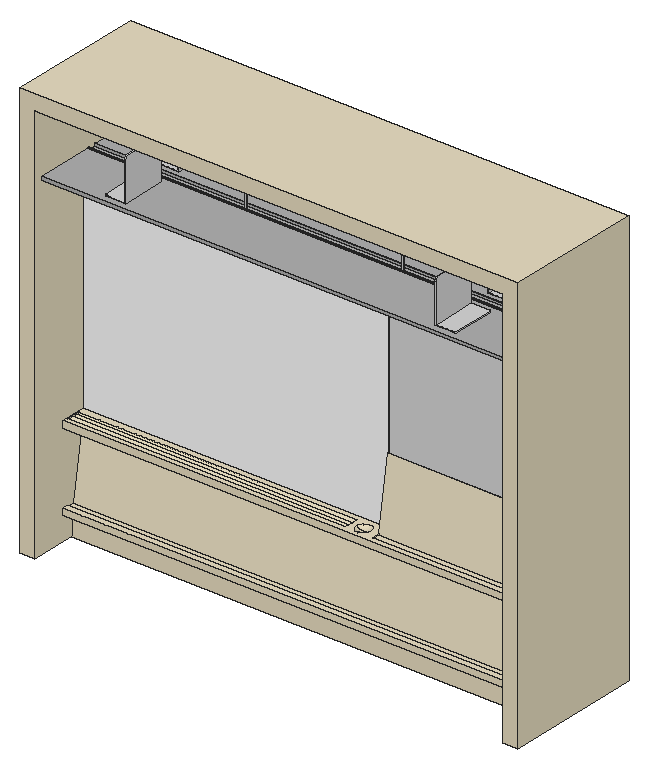
Revit family "DeccaContract_Framework_Reference", category Furniture, Revit 2015
Parameters (values of type "FRAMEWORK")
  White Board [instance] = Furniture - DECCA CONTRACT - Casegood - White Board
  URL = ""
  Steel Frame [instance] = Furniture - DECCA CONTRACT - Casegood - Steel Frame
  Shelf [instance] = Furniture - DECCA CONTRACT - Casegood - Shelf
  HIDDEN FRAMEWORK = yes
  Framework [instance] = Furniture - DECCA CONTRACT - Casegood - Framework
  Drawer Face [instance] = Furniture - DECCA CONTRACT - Casegood - Drawer Front
  Counter Height = 2' - 2.45811"
  Book Ends [instance] = Furniture - DECCA CONTRACT - Casegood - Bookends
  Model = ""
  Manufacturer = "Decca Contract"
  Description = ""
  Backspalsh [instance] = Furniture - DECCA CONTRACT - Casegood - Backsplash
  Assembly Code = "E2020200"
Types (2): name | HIDDEN FRAMEWORK
  FRAMEWORK | yes
  FRAMEWORK (HIDDEN) | no
Reference planes (in)
  plane 1 "C(FB)": y = 6
  plane 2: z = 0
  plane 3 "C(LR)": x = -6.90025
  plane 4 "T": z = 90.5
  plane 5 "B": y = 23.77735
  plane 6: y = -11.77735
  plane 7: x = -60.96275
  plane 8: x = 47.16225
  plane 9: x = -57.71275
  plane 10: x = -32.38586
  plane 11: x = 43.91225
  plane 12: x = 8.72081
  plane 13 "WST": z = 26.45811
  plane 14: z = 21.45811
  plane 15: z = 25.70811
  plane 16: z = 71.4632
  plane 17: z = 71.49989
  plane 18: z = 73.2132
  plane 19: z = 73.8382
  plane 20: z = 73.9632
  plane 21: z = 83.0379
  plane 22: z = 87.25
  plane 23 "F": y = -6.22265
  plane 24: y = -4.22265
  plane 25: y = 2.29943
  plane 26: y = 3.04943
  plane 27: y = 6.72265
  plane 28: y = 7.22265
  plane 29: y = 7.72265
  plane 30: y = 9.83289
  plane 31: y = 21.77735
  plane 32 "CL": y = 8.77777
  plane 33: y = -5.47265
  plane 34: y = 23.0282
  plane 35: z = 38.32998
  plane 36: x = -57.33458
  plane 37: x = 2.90121
  plane 38: x = 5.72081
  plane 39: z = 23.79637
  plane 40 "CUP": y = 3.71234
Forms (in)
  Extrusion 1, solid, material "Furniture - DECCA CONTRACT - Casegood - Framework" <- "Framework", visible <- "HIDDEN FRAMEWORK"
    sketch origin (0, -6.22265, 0) x (-1, 0, 0) y (0, 0, -1)
      loop
        line (60.96275, 0) -> (57.71275, 0) -> (57.71275, -87.25) -> (-43.91225, -87.25) -> (-43.91225, 0) -> (-47.16225, 0) -> (-47.16225, -90.5) -> (60.96275, -90.5) -> (60.96275, 0)
    from -0.75 to 0
  Extrusion 2, solid, material "Furniture - DECCA CONTRACT - Casegood - Framework" <- "Framework", visible <- "HIDDEN FRAMEWORK"
    sketch origin (0, 23.77735, 0) x (-1, 0, 0) y (0, 0, 1)
      loop
        line (60.96275, 0) -> (60.96275, 90.5) -> (-47.16225, 90.5) -> (-47.16225, 0) -> (-43.91225, 0) -> (-43.91225, 87.25) -> (57.71275, 87.25) -> (57.71275, 0) -> (60.96275, 0)
    from -0.74915 to 0
  Extrusion 3, solid, material "Furniture - DECCA CONTRACT - Casegood - Framework" <- "Framework", visible <- "HIDDEN FRAMEWORK"
    sketch origin (0, -6.22265, 0) x (-1, 0, 0) y (0, 0, -1)
      loop
        line (-47.16225, 0) -> (-47.16225, -90.5) -> (-43.91225, -87.25) -> (-43.91225, 0) -> (-47.16225, 0)
      loop
        line (60.96275, 0) -> (57.71275, 0) -> (57.71275, -87.25) -> (60.96275, -90.5) -> (60.96275, 0)
    from -29.25085 to -0.75
  Extrusion 4, solid, material "Furniture - DECCA CONTRACT - Casegood - Framework" <- "Framework", visible <- "HIDDEN FRAMEWORK"
    sketch origin (-6.90025, 0, 0) x (0, 1, 0) y (0, 0, 1)
      loop
        line (23.0282, 87.25) -> (23.0282, 90.5) -> (-5.47265, 90.5) -> (-5.47265, 87.25) -> (23.0282, 87.25)
    from -54.0625 to 54.0625
  Extrusion 5, solid, material "Furniture - DECCA CONTRACT - Casegood - Shelf" <- "Shelf", visible <- "HIDDEN FRAMEWORK"
    sketch origin (-6.90025, 0, 0) x (0, 1, 0) y (0, 0, 1)
      loop
        line (7.77777, 73.9632) -> (7.77777, 73.8382) -> (-4.72223, 73.8382) -> (-4.72223, 73.2132) -> (4.98579, 71.59023) -> (5.50944, 72.7132) -> (6.77735, 72.7132) -> (6.77735, 72.0882) -> (7.77735, 72.0882) -> (7.77735, 73.3382) -> (8.77777, 73.3382) -> (8.77777, 73.4632) -> (7.90235, 73.4632) -> (7.90235, 73.9632) -> (7.77777, 73.9632)
    from -50.8125 to 50.8125
  Extrusion 6, solid, material "Furniture - DECCA CONTRACT - Casegood - Framework" <- "Framework"
    sketch origin (-6.90025, 0, 0) x (0, 1, 0) y (0, 0, 1)
      loop
        line (7.72265, 0) -> (7.72265, 71.93564) -> (7.22265, 71.93564) -> (7.22265, 0) -> (7.72265, 0)
    from -50.8125 to 50.8125
  Extrusion 7, solid, material "Furniture - DECCA CONTRACT - Casegood - White Board" <- "White Board"
    sketch origin (-6.90025, 0, 0) x (0, 1, 0) y (0, 0, 1)
      loop
        line (6.72265, 71.93564) -> (6.72265, 23.75448) -> (7.22265, 23.75448) -> (7.22265, 71.93564) -> (6.72265, 71.93564)
    from -50.8125 to 15.62106
  Extrusion 8, solid, material "Furniture - DECCA CONTRACT - Casegood - Bookends" <- "Book Ends", visible <- "HIDDEN FRAMEWORK"
    sketch origin (-6.90025, 0, 0) x (0, 1, 0) y (0, 0, 1)
      loop
        line (11.13507, 73.8382) -> (20.63507, 73.8382) -> (20.63507, 82.2879)
        arc (20.63507, 82.2879) -> (20.4154, 82.81823) -> (19.88507, 83.0379) r 0.75
        line (19.88507, 83.0379) -> (11.88507, 83.0379)
        arc (11.88507, 83.0379) -> (11.35474, 82.81823) -> (11.13507, 82.2879) r 0.75
        line (11.13507, 82.2879) -> (11.13507, 73.8382)
      loop
        arc (-2.32953, 83.0379) -> (-2.85986, 82.81823) -> (-3.07953, 82.2879) r 0.75
        line (-3.07953, 82.2879) -> (-3.07953, 73.8382) -> (6.42047, 73.8382) -> (6.42047, 82.2879)
        arc (6.42047, 82.2879) -> (6.2008, 82.81823) -> (5.67047, 83.0379) r 0.75
        line (5.67047, 83.0379) -> (-2.32953, 83.0379)
    from -33.8125 to -33.5625
  Extrusion 9, solid, material "Furniture - DECCA CONTRACT - Casegood - Bookends" <- "Book Ends", visible <- "HIDDEN FRAMEWORK"
    sketch origin (-6.90025, 0, 0) x (0, 1, 0) y (0, 0, -1)
      loop
        line (11.13507, -73.8382) -> (11.13507, -82.2879)
        arc (11.13507, -82.2879) -> (11.35474, -82.81823) -> (11.88507, -83.0379) r 0.75
        line (11.88507, -83.0379) -> (19.88507, -83.0379)
        arc (19.88507, -83.0379) -> (20.4154, -82.81823) -> (20.63507, -82.2879) r 0.75
        line (20.63507, -82.2879) -> (20.63507, -73.8382) -> (11.13507, -73.8382)
      loop
        line (-2.32953, -83.0379) -> (5.67047, -83.0379)
        arc (5.67047, -83.0379) -> (6.2008, -82.81823) -> (6.42047, -82.2879) r 0.75
        line (6.42047, -82.2879) -> (6.42047, -73.8382) -> (-3.07953, -73.8382) -> (-3.07953, -82.2879)
        arc (-3.07953, -82.2879) -> (-2.85986, -82.81823) -> (-2.32953, -83.0379) r 0.75
    from -33.8125 to -33.5625
  Extrusion 10, solid, material "Furniture - DECCA CONTRACT - Casegood - Bookends" <- "Book Ends", visible <- "HIDDEN FRAMEWORK"
    sketch origin (0, 0, 20.56979) x (0, -1, 0) y (1, 0, 0)
      loop
        line (-6.42047, -40.46275) -> (-6.42047, -44.5626)
        arc (-6.42047, -44.5626) -> (-6.27402, -44.91616) -> (-5.92047, -45.0626) r 0.5
        line (-5.92047, -45.0626) -> (2.57953, -45.0626)
        arc (2.57953, -45.0626) -> (2.93308, -44.91616) -> (3.07953, -44.5626) r 0.5
        line (3.07953, -44.5626) -> (3.07953, -40.46275) -> (-6.42047, -40.46275)
      loop
        line (-11.13507, -40.46275) -> (-20.63507, -40.46275) -> (-20.63507, -44.5626)
        arc (-20.63507, -44.5626) -> (-20.48863, -44.91616) -> (-20.13507, -45.0626) r 0.5
        line (-20.13507, -45.0626) -> (-11.63507, -45.0626)
        arc (-11.63507, -45.0626) -> (-11.28152, -44.91616) -> (-11.13507, -44.5626) r 0.5
        line (-11.13507, -44.5626) -> (-11.13507, -40.46275)
    from 53.26841 to 53.39341
  Extrusion 11, solid, material "Furniture - DECCA CONTRACT - Casegood - Bookends" <- "Book Ends", visible <- "HIDDEN FRAMEWORK"
    sketch origin (-13.8005, 0, 20.56979) x (0, -1, 0) y (1, 0, 0)
      loop
        line (-6.42047, 40.46275) -> (3.07953, 40.46275) -> (3.07953, 44.5626)
        arc (3.07953, 44.5626) -> (2.93308, 44.91616) -> (2.57953, 45.0626) r 0.5
        line (2.57953, 45.0626) -> (-5.92047, 45.0626)
        arc (-5.92047, 45.0626) -> (-6.27402, 44.91616) -> (-6.42047, 44.5626) r 0.5
        line (-6.42047, 44.5626) -> (-6.42047, 40.46275)
      loop
        line (-11.13507, 40.46275) -> (-11.13507, 44.5626)
        arc (-11.13507, 44.5626) -> (-11.28152, 44.91616) -> (-11.63507, 45.0626) r 0.5
        line (-11.63507, 45.0626) -> (-20.13507, 45.0626)
        arc (-20.13507, 45.0626) -> (-20.48863, 44.91616) -> (-20.63507, 44.5626) r 0.5
        line (-20.63507, 44.5626) -> (-20.63507, 40.46275) -> (-11.13507, 40.46275)
    from 53.26841 to 53.39341
  Revolve 12, solid, material "Furniture - DECCA CONTRACT - Casegood - Steel Frame" <- "Steel Frame", visible <- "HIDDEN FRAMEWORK"
    sketch origin (0, 8.77777, 0) x (-1, 0, 0) y (0, 0, 1)
      loop
        line (23.96525, 87.64271) -> (23.96525, 72.5882) -> (24.05895, 72.5882) -> (24.05895, 73.4632) -> (24.09025, 73.4632) -> (24.09025, 87.25) -> (24.05895, 87.25) -> (24.05895, 87.64271) -> (23.96525, 87.64271)
      axis (23.96525, 72.5882) -> (23.96525, 87.64271)
    angle from 0 to 360
  Extrusion 13, solid, material "Furniture - DECCA CONTRACT - Casegood - Backsplash" <- "Backspalsh"
    sketch origin (24.34188, 0, 0) x (0, 1, 0) y (0, 0, -1)
      loop
        line (6.72265, -71.93564) -> (7.22265, -71.93564) -> (7.22265, -38.28809) -> (6.72265, -38.28809) -> (6.72265, -71.93564)
    from -19.57037 to 15.62106
  Extrusion 14, solid, material "Furniture - DECCA CONTRACT - Casegood - Framework" <- "Framework"
    sketch origin (-6.90025, 0, 0) x (0, 1, 0) y (0, 0, 1)
      loop
        line (6.52735, 38.32998) -> (4.00907, 23.45307) -> (2.29943, 23.45307) -> (2.29943, 23.79637) -> (1.05415, 23.79637) -> (1.05415, 22.42318) -> (2.29943, 22.20361) -> (2.29943, 22.7944) -> (3.29889, 22.7944) -> (3.73501, 21.95048) -> (6.52735, 21.45811) -> (7.22265, 21.45811) -> (7.22265, 38.32998) -> (6.52735, 38.32998)
    from 15.62106 to 50.8125
  Extrusion 15, solid, material "Furniture - DECCA CONTRACT - Casegood - Framework" <- "Framework"
    sketch origin (-6.90025, 0, -17.00411) x (0, 1, 0) y (0, 0, 1)
      loop
        line (6.52735, 38.32998) -> (4.00907, 23.45307) -> (2.29943, 23.45307) -> (2.29943, 23.79637) -> (1.05415, 23.79637) -> (1.05415, 22.42318) -> (2.29943, 22.20361) -> (2.29943, 22.7944) -> (3.29889, 22.7944) -> (3.73501, 21.95048) -> (6.52735, 21.45811) -> (7.22265, 21.45811) -> (7.22265, 38.32998) -> (6.52735, 38.32998)
    from -50.8125 to 50.8125
  Extrusion 16, solid, material "Furniture - DECCA CONTRACT - Casegood - Framework" <- "Framework"
    sketch origin (-6.90025, 0, 0) x (0, 1, 0) y (0, 0, 1)
      loop
        line (1.05415, 22.42318) -> (2.29943, 22.20361) -> (2.29943, 22.7944) -> (3.29889, 22.7944) -> (3.73501, 21.95048) -> (6.52735, 21.45811) -> (7.22265, 21.45811) -> (7.22265, 23.79637) -> (1.05415, 23.79637) -> (1.05415, 22.42318)
    from -50.8125 to 15.62106
  Extrusion 17, void
    sketch origin (-6.90025, 0, 0) x (0, 1, 0) y (0, 0, 1)
      loop
        line (4.75462, 23.27527) -> (5.27572, 23.79637) -> (5.27572, 24.29637) -> (2.14897, 24.29637) -> (2.14897, 23.79637) -> (2.67007, 23.27527) -> (3.19121, 23.7964) -> (3.71234, 23.27527) -> (4.23348, 23.7964) -> (4.75462, 23.27527)
    from -50.43433 to 9.80146
  Revolve 18, void
    sketch origin (0, 3.71234, 0) x (0, 0, -1) y (-1, 0, 0)
      loop
        line (-23.79637, -4.15831) -> (-23.79637, -5.72081) -> (-23.24683, -5.72081)
        arc (-23.24683, -5.72081) -> (-23.38822, -4.89265) -> (-23.79637, -4.15831) r 2.4961
      axis (-23.79637, -5.72081) -> (-23.24683, -5.72081)
    angle from 0 to 360
  Extrusion 19, solid, material "Furniture - DECCA CONTRACT - Casegood - Framework" <- "Framework"
    sketch origin (-6.90025, 0, 0) x (0, 1, 0) y (0, 0, 1)
      loop
        line (3.73501, 4.94637) -> (3.73501, 0) -> (4.48501, 0) -> (4.48501, 4.81412) -> (3.73501, 4.94637)
    from -50.8125 to 50.8125
  Extrusion 20, solid, material "Furniture - DECCA CONTRACT - Casegood - Steel Frame" <- "Steel Frame", visible <- "HIDDEN FRAMEWORK"
    sketch origin (0, 3.71234, 0) x (0, 0, -1) y (-1, 0, 0)
      loop
        line (-71.49989, -43.91225) -> (0, -43.91225) -> (0, -39.83006) -> (-3.80619, -39.83006) -> (-3.80619, -14.67329) -> (0, -14.67329) -> (0, -10.65754) -> (-10.02293, -10.65754)
        arc (-10.02293, -10.65754) -> (-11.08359, -10.2182) -> (-11.52293, -9.15754) r 1.5
        line (-11.52293, -9.15754) -> (-11.52293, 21.59091)
        arc (-11.52293, 21.59091) -> (-11.08359, 22.65157) -> (-10.02293, 23.09091) r 1.5
        line (-10.02293, 23.09091) -> (0, 23.09091) -> (0, 27.10666) -> (-3.80619, 27.10666) -> (-3.80619, 53.75261) -> (0, 53.75261) -> (0, 57.71275) -> (-71.49989, 57.71275) -> (-71.49989, -43.91225)
      loop
        line (-64.28049, -10.65754) -> (-56.46434, -10.65754)
        arc (-56.46434, -10.65754) -> (-55.40368, -10.2182) -> (-54.96434, -9.15754) r 1.5
        line (-54.96434, -9.15754) -> (-54.96434, 21.59091)
        arc (-54.96434, 21.59091) -> (-55.40368, 22.65157) -> (-56.46434, 23.09091) r 1.5
        line (-56.46434, 23.09091) -> (-64.28049, 23.09091)
        arc (-64.28049, 23.09091) -> (-65.34115, 22.65157) -> (-65.78049, 21.59091) r 1.5
        line (-65.78049, 21.59091) -> (-65.78049, -9.15754)
        arc (-65.78049, -9.15754) -> (-65.34115, -10.2182) -> (-64.28049, -10.65754) r 1.5
      loop
        line (-32.82728, -9.15754) -> (-32.82728, 21.59091)
        arc (-32.82728, 21.59091) -> (-33.26662, 22.65157) -> (-34.32728, 23.09091) r 1.5
        line (-34.32728, 23.09091) -> (-42.14343, 23.09091)
        arc (-42.14343, 23.09091) -> (-43.20409, 22.65157) -> (-43.64343, 21.59091) r 1.5
        line (-43.64343, 21.59091) -> (-43.64343, -9.15754)
        arc (-43.64343, -9.15754) -> (-43.20409, -10.2182) -> (-42.14343, -10.65754) r 1.5
        line (-42.14343, -10.65754) -> (-34.32728, -10.65754)
        arc (-34.32728, -10.65754) -> (-33.26662, -10.2182) -> (-32.82728, -9.15754) r 1.5
    from 4.01031 to 6.12055
  Revolve 21, solid, material "Furniture - DECCA CONTRACT - Casegood - Steel Frame" <- "Steel Frame", visible <- "HIDDEN FRAMEWORK"
    sketch origin (-13.8005, 8.77777, 0) x (1, 0, 0) y (0, 0, 1)
      loop
        line (23.96525, 87.64271) -> (23.96525, 72.5882) -> (24.05895, 72.5882) -> (24.05895, 73.4632) -> (24.09025, 73.4632) -> (24.09025, 87.25) -> (24.05895, 87.25) -> (24.05895, 87.64271) -> (23.96525, 87.64271)
      axis (23.96525, 72.5882) -> (23.96525, 87.64271)
    angle from 0 to 360
  Extrusion 22, solid, material "Furniture - DECCA CONTRACT - Casegood - Shelf" <- "Shelf", visible <- "HIDDEN FRAMEWORK"
    sketch origin (-6.90025, 17.55555, 0) x (0, -1, 0) y (0, 0, -1)
      loop
        line (7.77777, -73.9632) -> (7.90235, -73.9632) -> (7.90235, -73.4632) -> (8.77777, -73.4632) -> (8.77777, -73.3382) -> (7.77735, -73.3382) -> (7.77735, -72.0882) -> (6.77735, -72.0882) -> (6.77735, -72.7132) -> (5.50944, -72.7132) -> (4.98579, -71.59023) -> (-4.72223, -73.2132) -> (-4.72223, -73.8382) -> (7.77777, -73.8382) -> (7.77777, -73.9632)
    from -50.8125 to 50.8125
Cuts and joins
  Extrusion 17 cuts Extrusion 1
  Extrusion 17 cuts Extrusion 2
  Extrusion 17 cuts Extrusion 3
  Extrusion 17 cuts Extrusion 4
  joined: Extrusion 1, Extrusion 2, Extrusion 3, Extrusion 4
  joined: Extrusion 8, Extrusion 10
  joined: Extrusion 9, Extrusion 11
  Extrusion 17 cuts Extrusion 14
  Extrusion 17, Revolve 18 cuts Extrusion 16
  joined: Extrusion 14, Extrusion 16
Dimensions and locks (in)
  equal spacing: plane 7, plane 3 "C(LR)", plane 8
  equal spacing: plane 5 "B", plane 1 "C(FB)", plane 6
  "Counter Height": plane 13 "WST" to plane 2
  locked: plane 13 "WST" to plane 15 at 0.75
  locked: plane 15 to plane 14 at 4.25
  plane 4 "T" to plane 2 = 7' - 6 1/2"
  aligned and locked: plane 2 to level
  aligned and locked: Extrusion 1 sketch curve to plane 7
  aligned and locked: Extrusion 1 sketch curve to plane 4 "T"
  aligned and locked: Extrusion 1 sketch curve to plane 22
  aligned and locked: plane 2 to Extrusion 1 sketch curve
  aligned and locked: plane 8 to Extrusion 1 sketch curve
  aligned and locked: plane 11 to Extrusion 1 sketch curve
  aligned and locked: Extrusion 1 sketch curve to plane 9
  aligned and locked: plane 7 to Extrusion 2 sketch curve
  aligned and locked: plane 9 to Extrusion 2 sketch curve
  aligned and locked: plane 4 "T" to Extrusion 2 sketch curve
  aligned and locked: plane 22 to Extrusion 2 sketch curve
  aligned and locked: Extrusion 2 sketch curve to plane 11
  aligned and locked: Extrusion 2 sketch curve to plane 8
  aligned and locked: Extrusion 2 sketch curve to plane 2
  aligned and locked: Extrusion 2 to plane 34
  aligned and locked: plane 2 to Extrusion 3 sketch curve
  aligned and locked: Extrusion 3 sketch curve to plane 7
  aligned and locked: Extrusion 3 sketch curve to plane 9
  aligned and locked: plane 11 to Extrusion 3 sketch curve
  aligned and locked: plane 8 to Extrusion 3 sketch curve
  aligned and locked: plane 34 to Extrusion 3
  aligned and locked: plane 34 to Extrusion 4 sketch curve
  aligned and locked: plane 22 to Extrusion 4 sketch curve
  aligned and locked: Extrusion 4 sketch curve to plane 33
  aligned and locked: Extrusion 10 to plane 20
  aligned and locked: plane 19 to Extrusion 10
  aligned and locked: plane 19 to Extrusion 8
  aligned and locked: plane 19 to Extrusion 11
  aligned and locked: Extrusion 11 to plane 20
  aligned and locked: Extrusion 1 to Extrusion 4
  aligned and locked: Extrusion 4 to Extrusion 1
Automatic sketch dimensions
  Extrusion 1 sketch curve to level = 0' - 0"
  Extrusion 2 sketch curve to level = 0' - 0"
  Extrusion 3 sketch curve to level = 0' - 0"
  Extrusion 3 sketch curve to plane 22 = 0' - 0"  (x2)
  Extrusion 3 sketch curve to plane 4 "T" = 0' - 0"  (x2)
  Extrusion 4 sketch curve to plane 4 "T" = 0' - 0"
  plane 20 to Extrusion 5 sketch curve = 0' - 0"
  Extrusion 5 sketch curve to plane 32 "CL" = 0' - 0"
  Extrusion 5 sketch curve to plane 29 = 0' - 0 23/128"
  Extrusion 5 sketch curve to plane 29 = 0' - 0.05512"
  Extrusion 5 sketch curve to plane 29 = 0' - 0 7/128"
  Extrusion 5 sketch curve to plane 27 = 0' - 0 7/128"
  plane 1 "C(FB)" to Extrusion 5 sketch curve = 0' - 0.49056"
  Extrusion 5 sketch curve to plane 17 = 0' - 0.09034"
  plane 1 "C(FB)" to Extrusion 5 sketch curve = 0' - 1.01421"
  Extrusion 5 sketch curve to plane 18 = 0' - 0"
  plane 24 to Extrusion 5 sketch curve = 0' - 0.49957"
  Extrusion 5 sketch curve to plane 17 = 0' - 0.58831"
  plane 18 to Extrusion 5 sketch curve = 0' - 0 1/2"
  Extrusion 5 sketch curve to plane 18 = 0' - 0 1/8"
  Extrusion 5 sketch curve to Extrusion 5 sketch curve = 0' - 0 1/8"
  Extrusion 5 sketch curve to plane 19 = 0' - 0"
  Extrusion 6 sketch curve to level = 0' - 0"
  Extrusion 6 sketch curve to plane 28 = 0' - 0"
  Extrusion 6 sketch curve to plane 29 = 0' - 0"
  Extrusion 6 sketch curve to plane 17 = 0' - 0.43575"
  Extrusion 7 sketch curve to plane 27 = 0' - 0"
  Extrusion 7 sketch curve to plane 28 = 0' - 0"
  plane 39 to Extrusion 7 sketch curve = 0' - 0.04189"
  Extrusion 7 sketch curve to plane 17 = 0' - 0.43575"
  plane 19 to Extrusion 8 sketch curve = 0' - 0"  (x2)
  plane 21 to Extrusion 8 sketch curve = 0' - 0"  (x2)
  Extrusion 8 sketch curve to plane 24 = 0' - 1.14313"
  Extrusion 8 sketch curve to Extrusion 8 sketch curve = 0' - 0 3/4"
  plane 1 "C(FB)" to Extrusion 8 sketch curve = 0' - 0.32953"
  plane 27 to Extrusion 8 sketch curve = 0' - 0.30218"
  plane 21 to Extrusion 8 sketch curve = 0' - 0 3/4"
  Extrusion 8 sketch curve to plane 30 = 0' - 1.30218"
  plane 31 to Extrusion 8 sketch curve = 0' - 1.89227"
  plane 31 to Extrusion 8 sketch curve = 0' - 1.14227"
  plane 19 to Extrusion 9 sketch curve = 0' - 0"  (x2)
  plane 21 to Extrusion 9 sketch curve = 0' - 0"  (x2)
  Extrusion 9 sketch curve to plane 24 = 0' - 1.14313"
  Extrusion 9 sketch curve to Extrusion 9 sketch curve = 0' - 0 3/4"
  plane 1 "C(FB)" to Extrusion 9 sketch curve = 0' - 0.32953"
  plane 27 to Extrusion 9 sketch curve = 0' - 0.30218"
  plane 21 to Extrusion 9 sketch curve = 0' - 0 3/4"
  Extrusion 9 sketch curve to plane 30 = 0' - 1.30218"
  plane 31 to Extrusion 9 sketch curve = 0' - 1.89227"
  plane 31 to Extrusion 9 sketch curve = 0' - 1.14227"
  plane 31 to Extrusion 10 sketch curve = 0' - 1.14227"
  Extrusion 10 sketch curve to Extrusion 10 sketch curve = 0' - 0 1/2"
  Extrusion 10 sketch curve to plane 30 = 0' - 1.80218"
  Extrusion 10 sketch curve to plane 30 = 0' - 1.30218"
  plane 27 to Extrusion 10 sketch curve = 0' - 0.30218"
  plane 1 "C(FB)" to Extrusion 10 sketch curve = 0' - 0.07953"
  Extrusion 10 sketch curve to plane 24 = 0' - 1.64313"
  Extrusion 10 sketch curve to plane 24 = 0' - 1.14313"
  Extrusion 10 sketch curve to plane 36 = 1' - 0.27198"  (x2)
  Extrusion 10 sketch curve to Extrusion 10 sketch curve = 0' - 4.09985"  (x2)
  Extrusion 11 sketch curve to plane 31 = 0' - 1.14227"
  Extrusion 11 sketch curve to Extrusion 11 sketch curve = 0' - 0 1/2"
  plane 30 to Extrusion 11 sketch curve = 0' - 1.80218"
  plane 30 to Extrusion 11 sketch curve = 0' - 1.30218"
  Extrusion 11 sketch curve to plane 27 = 0' - 0.30218"
  Extrusion 11 sketch curve to plane 1 "C(FB)" = 0' - 0.07953"
  plane 24 to Extrusion 11 sketch curve = 0' - 1.64313"
  plane 24 to Extrusion 11 sketch curve = 0' - 1.14313"
  plane 11 to Extrusion 11 sketch curve = 1' - 0.65015"  (x2)
  Extrusion 11 sketch curve to Extrusion 11 sketch curve = 0' - 4.09985"  (x2)
  Revolve 12 sketch curve to plane 22 = 0' - 0"
  plane 22 to Revolve 12 sketch curve = 0' - 0.39271"
  plane 10 to Revolve 12 sketch curve = 0' - 8.42061"
  Revolve 12 sketch curve to Revolve 12 sketch curve = 0' - 0.0937"  (x2)
  Revolve 12 sketch curve to Revolve 12 sketch curve = 0' - 0.0313"
  plane 18 to Revolve 12 sketch curve = 0' - 0 1/4"
  Revolve 12 sketch curve to plane 18 = 0' - 0 5/8"
  Revolve 12 sketch curve to Revolve 12 sketch curve = 0' - 0"  (x3)
  Extrusion 13 sketch curve to plane 27 = 0' - 0"
  Extrusion 13 sketch curve to plane 28 = 0' - 0"
  Extrusion 13 sketch curve to plane 17 = 0' - 0.43575"
  plane 35 to Extrusion 13 sketch curve = 0' - 0.04189"
  plane 39 to Extrusion 14 sketch curve = 0' - 0"
  Extrusion 14 sketch curve to plane 25 = 0' - 0"  (x2)
  plane 14 to Extrusion 14 sketch curve = 0' - 0"
  plane 35 to Extrusion 14 sketch curve = 0' - 0"
  Extrusion 14 sketch curve to plane 28 = 0' - 0"
  plane 25 to Extrusion 14 sketch curve = 0' - 1.24527"
  Extrusion 14 sketch curve to plane 26 = 0' - 0.24947"
  plane 40 "CUP" to Extrusion 14 sketch curve = 0' - 0.02266"
  plane 40 "CUP" to Extrusion 14 sketch curve = 0' - 0.29673"
  plane 27 to Extrusion 14 sketch curve = 0' - 0 25/128"  (x2)
  Extrusion 14 sketch curve to plane 14 = 0' - 0.49236"
  Extrusion 14 sketch curve to plane 14 = 0' - 0.7455"
  Extrusion 14 sketch curve to plane 14 = 0' - 0.96507"
  Extrusion 14 sketch curve to Extrusion 14 sketch curve = 0' - 0.84392"
  plane 39 to Extrusion 14 sketch curve = 0' - 0.3433"
  Extrusion 15 sketch curve to plane 25 = 0' - 0"  (x2)
  Extrusion 15 sketch curve to plane 28 = 0' - 0"
  plane 25 to Extrusion 15 sketch curve = 0' - 1.24527"
  Extrusion 15 sketch curve to plane 26 = 0' - 0.24947"
  plane 40 "CUP" to Extrusion 15 sketch curve = 0' - 0.02266"
  plane 40 "CUP" to Extrusion 15 sketch curve = 0' - 0.29673"
  plane 27 to Extrusion 15 sketch curve = 0' - 0 25/128"  (x2)
  level to Extrusion 15 sketch curve = 0' - 4.454"
  Extrusion 15 sketch curve to Extrusion 15 sketch curve = 0' - 0.49236"
  Extrusion 15 sketch curve to Extrusion 15 sketch curve = 0' - 0.25313"
  Extrusion 15 sketch curve to Extrusion 15 sketch curve = 0' - 0.21958"
  Extrusion 15 sketch curve to Extrusion 15 sketch curve = 0' - 0.84392"
  Extrusion 15 sketch curve to Extrusion 15 sketch curve = 0' - 0.65867"
  Extrusion 15 sketch curve to Extrusion 15 sketch curve = 0' - 0.3433"
  plane 14 to Extrusion 15 sketch curve = 0' - 0.13225"
  plane 39 to Extrusion 16 sketch curve = 0' - 0"
  Extrusion 16 sketch curve to plane 25 = 0' - 0"
  plane 14 to Extrusion 16 sketch curve = 0' - 0"
  Extrusion 16 sketch curve to plane 28 = 0' - 0"
  plane 25 to Extrusion 16 sketch curve = 0' - 1.24527"
  Extrusion 16 sketch curve to plane 26 = 0' - 0.24947"
  plane 40 "CUP" to Extrusion 16 sketch curve = 0' - 0.02266"
  plane 27 to Extrusion 16 sketch curve = 0' - 0 25/128"
  Extrusion 16 sketch curve to plane 14 = 0' - 0.49236"
  Extrusion 16 sketch curve to plane 14 = 0' - 0.7455"
  Extrusion 16 sketch curve to plane 14 = 0' - 0.96507"
  Extrusion 16 sketch curve to Extrusion 16 sketch curve = 0' - 0.84392"
  plane 39 to Extrusion 17 sketch curve = 0' - 0"  (x2)
  Extrusion 17 sketch curve to plane 40 "CUP" = 0' - 0"
  Extrusion 17 sketch curve to plane 39 = 0' - 0.00004"  (x2)
  Extrusion 17 sketch curve to plane 26 = 0' - 0.14178"
  Extrusion 17 sketch curve to plane 25 = 0' - 0.37064"
  plane 25 to Extrusion 17 sketch curve = 0' - 0.15046"
  plane 39 to Extrusion 17 sketch curve = 0' - 0.5211"
  Extrusion 17 sketch curve to Extrusion 17 sketch curve = 0' - 0 1/2"
  plane 38 to Revolve 18 sketch curve = 0' - 0"  (x2)
  Revolve 18 sketch curve to plane 39 = 0' - 0"
  Revolve 18 sketch curve to plane 15 = 0' - 0.03481"
  plane 39 to Revolve 18 sketch curve = 0' - 0.54954"
  Revolve 18 sketch curve to Revolve 18 sketch curve = 0' - 0.91175"
  Revolve 18 sketch curve to Revolve 18 sketch curve = 0' - 0.45243"
  Extrusion 19 sketch curve to level = 0' - 0"
  plane 40 "CUP" to Extrusion 19 sketch curve = 0' - 0.02266"
  Extrusion 19 sketch curve to Extrusion 19 sketch curve = 0' - 0 3/4"
  Extrusion 19 sketch curve to Extrusion 19 sketch curve = 0' - 4.81412"
  Extrusion 19 sketch curve to Extrusion 19 sketch curve = 0' - 0.13225"
  plane 9 to Extrusion 20 sketch curve = 0' - 0"
  Extrusion 20 sketch curve to plane 17 = 0' - 0"
  Extrusion 20 sketch curve to level = 0' - 0"  (x4)
  Extrusion 20 sketch curve to plane 11 = 0' - 0"
  plane 16 to Extrusion 20 sketch curve = 0' - 5.68271"
  plane 12 to Extrusion 20 sketch curve = 0' - 0.43673"  (x5)
  Extrusion 20 sketch curve to Extrusion 20 sketch curve = 0' - 1 1/2"  (x7)
  Extrusion 20 sketch curve to Extrusion 20 sketch curve = 0' - 7.81615"  (x2)
  Extrusion 20 sketch curve to plane 35 = 0' - 5.31345"
  plane 35 to Extrusion 20 sketch curve = 0' - 4.0027"
  plane 14 to Extrusion 20 sketch curve = 0' - 9.93519"
  level to Extrusion 20 sketch curve = 0' - 3.80619"  (x2)
  Extrusion 20 sketch curve to plane 11 = 0' - 4.08219"
  Extrusion 20 sketch curve to Extrusion 20 sketch curve = 0' - 4.01575"
  Extrusion 20 sketch curve to plane 10 = 0' - 10.79495"  (x3)
  Extrusion 20 sketch curve to plane 10 = 0' - 5.2792"
  Extrusion 20 sketch curve to plane 36 = 0' - 3.58197"
  Revolve 21 sketch curve to plane 22 = 0' - 0"
  Revolve 21 sketch curve to plane 22 = 0' - 0.39271"
  plane 12 to Revolve 21 sketch curve = 0' - 1.44394"
  Revolve 21 sketch curve to Revolve 21 sketch curve = 0' - 0.0937"  (x2)
  Revolve 21 sketch curve to Revolve 21 sketch curve = 0' - 0.0313"
  Revolve 21 sketch curve to plane 18 = 0' - 0 1/4"
  plane 18 to Revolve 21 sketch curve = 0' - 0 5/8"
  Revolve 21 sketch curve to Revolve 21 sketch curve = 0' - 0"  (x3)
  plane 20 to Extrusion 22 sketch curve = 0' - 0"
  Extrusion 22 sketch curve to plane 32 "CL" = 0' - 0"
  Extrusion 22 sketch curve to plane 30 = 0' - 0 23/128"
  Extrusion 22 sketch curve to plane 30 = 0' - 0.05512"
  Extrusion 22 sketch curve to plane 30 = 0' - 0 7/128"
  plane 30 to Extrusion 22 sketch curve = 0' - 0 121/128"
  Extrusion 22 sketch curve to plane 18 = 0' - 0 1/2"
  Extrusion 22 sketch curve to Extrusion 22 sketch curve = 0' - 1.2679"
  plane 17 to Extrusion 22 sketch curve = 0' - 0.09034"
  Extrusion 22 sketch curve to Extrusion 22 sketch curve = 0' - 0.52365"
  plane 18 to Extrusion 22 sketch curve = 0' - 0"
  plane 31 to Extrusion 22 sketch curve = 0' - 0.50043"
  plane 17 to Extrusion 22 sketch curve = 0' - 0.58831"
  plane 18 to Extrusion 22 sketch curve = 0' - 0 1/8"
  Extrusion 22 sketch curve to Extrusion 22 sketch curve = 0' - 0 1/8"
  plane 19 to Extrusion 22 sketch curve = 0' - 0"
